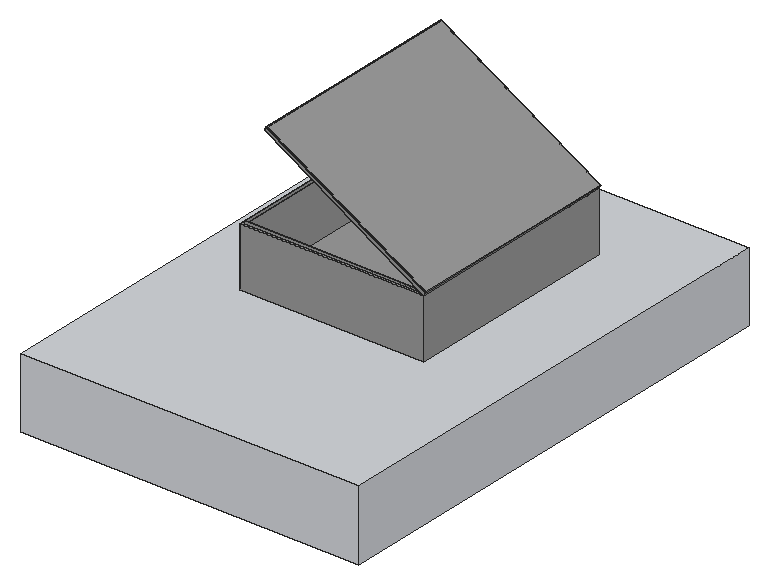
Revit family "Hager-Univers-IP55-D275-H950-Cl.II-Steel_encl-ES-es", category Equipement électrique, Revit 2020
Family settings
  Hôte = Face
  Configuration du panneau = Deux colonnes, circuits au sein
  Cote de connecteur circulaire = Utiliser le diamètre
  Type d'élément = Tableau de raccordement
  Couper avec des vides une fois chargée = Non
  Partagée = Non
  Point de calcul de pièce = Non
Parameters (values of type "Montado superficial (escayola) IP55 A800 A950 P275  - FR63S")
  Width Control [instance] = if([EF000008 - Anchura] > Min Width, [EF000008 - Anchura], Min Width)  # 800 mm
  Commentaires du type = [HG000003 - Gama]  # "Univers"
  Thickness Door [instance] = if([EF009171 - Espesor puerta/tapa] > 3 mm, 3 mm, [EF009171 - Espesor puerta/tapa])  # 1.5 mm
  Seal Frame Offset [instance] = 17 mm  # constant formula
  Plinth Visibility [instance] = [HG000027 - Altura de zócalo] > 0 mm  # no
  Model = ""
  Min Width [instance] = 100 mm  # constant formula
  Min Height [instance] = 100 mm  # constant formula
  Min Depth [instance] = (2 * [EF009170 - Espesor del material de la caja]) + 1 mm  # 4 mm
  Internal Frame Depth [instance] = (Door System Depth * 0.5)  # 9 mm
  Height Control [instance] = if([EF000040 - Altura] > Min Height, [EF000040 - Altura], Min Height)  # 950 mm
  HG000027 - Altura de zócalo = 0 mm
  HG000026 - Instalación en suelo = no
  HG000024 - Altura de la sección inferior = 800 mm
  HG000023 - Caja de doble sección = no
  HG000016 - Visibilidad de la puerta 3D [instance] = yes
  HG000015 - Visibilidad a través de la puerta [instance] = no
  HG000014 - Puerta a la derecha [instance] = yes
  HG000013 - Puerta a la izquierda [instance] = not([HG000014 - Puerta a la derecha])  # no
  HG000012 - Ángulo de giro de la puerta [instance] = 30.00°
  HG000010 - Puertas asimétricas = no
  HG000009 - Puerta batiente doble = no
  HG000006 - Empotrado = no
  HG000004 - Referencia del fabricante = "FR63S"
  HG000003 - Gama = "Univers"
  HG000002 - Con puerta o tapa = yes
  Frame Offset Bottom [instance] = 10 mm  # constant formula
  Frame Offset [instance] = 15 mm  # constant formula
  EF015940 - Tapa con alivio de sobrepresión = no
  EF011959 - Grado de protección (NEMA) = ""
  EF009554 - Número de aberturas para placas-brida = 6
  Fabricant = "Hager"  # constant formula
  EF009212 - Versión de la cubierta = "EV000116 - Cerrado"
  EF009171 - Espesor puerta/tapa = 1.5 mm
  EF009170 - Espesor del material de la caja = 1.5 mm
  EF008873 - Corriente nominal (In) = 800 A
  EF007800 - Adecuado para la protección contra rayos = no
  EF006306 - Con cierre = no
  EF006244 - Tapa/puerta transparente = no
  EF005474 - Grado de protección (IP) = "EV006420 - IP55"
  EF004464 - Tipo de puerta = "EV002646 - Único"
  EF004427 - Número de módulos = 216
  EF004293 - Resistencia al impacto (IK) = "EV008784 - IK10"
  EF003532 - Adecuado para uso en exteriores = no
  EF002950 - Anchura de unidades de división = 24
  EF001613 - Integridad del circuito = "EV000494 - Ninguno"
  EF001596 - Material de la carcasa = "EV000179 - Acero"
  EF001131 - Profundidad interna = 275 mm
  EF001088 - Posibilidad de extensión = yes
  EF000437 - Número de entradas de conductos de cables = 6
  EF000339 - Tipo de cubierta = "EV004216 - Puerta"
  EF000266 - Número de filas = 6
  EF000218 - Profundidad de instalación = 0 mm
  EF000118 - Con placa de montaje = no
  EF000116 - Número RAL = "7035"
  EF000049 - Profundidad = 275 mm
  EF000040 - Altura = 950 mm
  EF000008 - Anchura = 800 mm
  EF000007 - Color = "EV000270 - Gris"
  EF000003 - Tipo de montaje = "EV000384 - Montado superficial (escayola)"
  Door System Leaf Tolerance [instance] = 1.5 mm  # constant formula
  Door System Depth [instance] = 18 mm  # constant formula
  Door Height [instance] = Height Control - [HG000027 - Altura de zócalo]  # 950 mm
  Depth Control [instance] = if([EF000049 - Profundidad] > Min Depth, [EF000049 - Profundidad], Min Depth)  # 275 mm
  Default Elevation = 0 mm
  Connector Offset [instance] = Height Control / 2  # 475 mm
  Bottom Top Plate Trim [instance] = 1.5 mm  # constant formula
  Plinth height Ctrl [instance] = if([HG000027 - Altura de zócalo] > 0 mm, [HG000027 - Altura de zócalo], 12 mm)  # 12 mm
Types (5, lengths in mm): name | Width Control | HG000010 - Puertas asimétricas | HG000009 - Puerta batiente doble | HG000004 - Referencia del fabricante | EF009554 - Número de aberturas para placas-brida | EF004464 - Tipo de puerta | EF004427 - Número de módulos | EF000437 - Número de entradas de conductos de cables | EF000008 - Anchura
  Montado superficial (escayola) IP55 A1050 A950 P275  - FR64S | 1050 | no | yes | "FR64S" | 8 | "EV003602 - Doble" | 288 | 8 | 1050
  Montado superficial (escayola) IP55 A1300 A950 P275  - FR65S | 1300 | yes | yes | "FR65S" | 10 | "EV003602 - Doble" | 360 | 10 | 1300
  Montado superficial (escayola) IP55 A300 A950 P275  - FR61S | 300 | no | no | "FR61S" | 2 | "EV002646 - Único" | 72 | 2 | 300
  Montado superficial (escayola) IP55 A550 A950 P275  - FR62S | 550 | no | no | "FR62S" | 4 | "EV002646 - Único" | 144 | 4 | 550
  Montado superficial (escayola) IP55 A800 A950 P275  - FR63S | 800 | no | no | "FR63S" | 6 | "EV002646 - Único" | 216 | 6 | 800
Reference planes
  plane 1 "Center (Front/Back)": y = 0
  plane 2: z = 0
  plane 3 "Center (Left/Right)": x = 0
  plane 4: z = 275
  plane 5: y = 1.5
  plane 6: y = 475
  plane 7: y = 0
  plane 8: y = 950
  plane 9: z = 0
  plane 10: x = -385
  plane 11: x = 385
  plane 12: x = 383.5
  plane 13: x = -383.5
  plane 14: y = 948.5
  plane 15: x = -383
  plane 16: x = -400
  plane 17: x = 383
  plane 18: x = 400
  plane 19: x = 398.5
  plane 20: x = -398.5
  plane 21: y = 11.5
  plane 22: y = 950
  plane 23: y = 933.5
  plane 24: z = 257
  plane 25: z = 1.5
  plane 26: z = 255.5
  plane 27: z = 273.5
Forms (mm)
  Extrusion 1, solid
    sketch origin (0, 0, 0) x (1, 0, 0) y (0, 1, 0)
      loop
        line (-702.964, 1305) -> (-702.964, -811.445) -> (766.763, -811.445) -> (766.763, 1305) -> (-702.964, 1305)
    from 0 to -304.8
  Extrusion 2, solid, material "Hager_Steel_RAL7035_Light_Grey", visible <- "Plinth Visibility", detail levels medium+fine
    sketch origin (0, 0, 0) x (1, 0, 0) y (0, 1, 0)
      loop
        line (-400, 0) -> (400, 0) -> (400, 12) -> (-400, 12) -> (-400, 0)
    from 0 to 257
  Extrusion 3, solid, material "Hager_Steel_RAL7035_Light_Grey", detail levels medium+fine
    sketch origin (0, 0, 0) x (1, 0, 0) y (0, 1, 0)
      loop
        line (-400, 0) -> (400, 0) -> (400, 950) -> (-400, 950) -> (-400, 0)
    from 0 to 257
  Extrusion 4, void
    sketch origin (0, 0, 0) x (1, 0, 0) y (0, 1, 0)
      loop
        line (-398.5, 1.5) -> (398.5, 1.5) -> (398.5, 948.5) -> (-398.5, 948.5) -> (-398.5, 1.5)
    from 1.5 to 255.5
  Extrusion 5, void
    sketch origin (-381.607, -4572, 257) x (0, -1, 0) y (-1, 0, 0)
      loop
        line (-4583.5, 1.893) -> (-5505.5, 1.893) -> (-5505.5, -765.107) -> (-4583.5, -765.107) -> (-4583.5, 1.893)
    from 0 to 1.5 <- "EF009170 - Espesor del material de la caja"
  Extrusion 6, solid, material "Hager_Steel_RAL7035_Light_Grey", detail levels fine
    sketch origin (0, 0, 257) x (1, 0, 0) y (0, 1, 0)
      loop
        line (-383.5, 933.5) -> (-383.5, 11.5) -> (383.5, 11.5) -> (383.5, 933.5) -> (-383.5, 933.5)
      loop
        line (-385, 10) -> (385, 10) -> (385, 935) -> (-385, 935) -> (-385, 10)
    from 0 to 9 <- "Internal Frame Depth"
  Extrusion 7, solid, material "Hager_Steel_RAL7035_Light_Grey", detail levels coarse
    sketch origin (0, 0, 0) x (1, 0, 0) y (0, 1, 0)
      loop
        line (-400, 0) -> (400, 0) -> (400, 950) -> (-400, 950) -> (-400, 0)
    from 0 to 275
  Sweep 8, void
    path in 3D
      loop
        line (-400, 12, 0) -> (400, 12, 0) -> (400, 12, 257) -> (-400, 12, 257) -> (-400, 12, 0)
    profile origin (-400, 12, 128.5) x (-1, 0, 0) y (0, -1, 0)
      loop
        line (0, 0) -> (0, 1.5) -> (-1.5, 1.5)
        arc (-1.5, 1.5) -> (-1.061, 0.439) -> (0, 0) r 1.5
Cuts and joins
  Extrusion 4, Extrusion 5 cuts Extrusion 3
  Sweep 8 cuts Extrusion 2
Lines and regions (mm)
  Masking region 1
    outline origin (0, 0, 0) x (1, 0, 0) y (0, 0, 1)
      loop
        line (-400, 275) -> (-400, 0) -> (400, 0) -> (400, 275) -> (-400, 275)
  Masking region 2, detail levels medium+fine
    outline origin (0, 140, 0) x (0, 1, 0) y (0, 0, 1)
      loop
        line (-140, 0) -> (810, 0) -> (810, 257) -> (-140, 257) -> (-140, 0)
  Masking region 3, not visible, detail levels medium+fine
    outline origin (0, 297.922, 0) x (0, 1, 0) y (0, 0, 1)
      loop
        line (188.578, 0) -> (228.578, 0) -> (228.578, 263.5)
        arc (228.578, 263.5) -> (225.649, 270.571) -> (218.578, 273.5) r 10
        line (218.578, 273.5) -> (188.578, 273.5) -> (188.578, 0)
  Masking region 4, detail levels coarse
    outline origin (0, 0, 180) x (0, 1, 0) y (0, 0, 1)
      loop
        line (0, -180) -> (950, -180) -> (950, 95) -> (0, 95) -> (0, -180)
  Masking region 5, visible <- "Plinth Visibility", detail levels medium+fine
    outline origin (0, 52.24, 12.345) x (0, 0, -1) y (0, 1, 0)
      loop
        line (10.845, -40.24) -> (-243.155, -40.24)
        arc (-243.155, -40.24) -> (-243.594, -41.301) -> (-244.655, -41.74) r 1.5
        line (-244.655, -41.74) -> (-244.655, -52.24) -> (12.345, -52.24) -> (12.345, -41.74)
        arc (12.345, -41.74) -> (11.285, -41.301) -> (10.845, -40.24) r 1.5
  Masking region 6, detail levels medium+fine
    outline origin (-381.607, -4572, 257) x (-1, 0, 0) y (0, -1, 0)
      loop
        line (18.393, -5522) -> (18.393, -4572) -> (-781.607, -4572) -> (-781.607, -5522) -> (18.393, -5522)
  Masking region 7, visible <- "Plinth Visibility", detail levels medium+fine
    outline origin (-381.607, -4727, 257) x (-1, 0, 0) y (0, -1, 0)
      loop
        arc (16.893, -4739) -> (17.332, -4737.939) -> (18.393, -4737.5) r 1.5
        line (18.393, -4737.5) -> (18.393, -4727) -> (-781.607, -4727) -> (-781.607, -4737.5)
        arc (-781.607, -4737.5) -> (-780.546, -4737.939) -> (-780.107, -4739) r 1.5
        line (-780.107, -4739) -> (16.893, -4739)
  Masking region 8, detail levels coarse
    outline origin (-442.548, -4669.526, 257) x (-1, 0, 0) y (0, -1, 0)
      loop
        line (-42.548, -5619.526) -> (-42.548, -4669.526) -> (-842.548, -4669.526) -> (-842.548, -5619.526) -> (-42.548, -5619.526)
  sketch lines
    curve 1: line (-400, 12, 257) -> (-400, 12, 0)
    curve 2: line (400, 12, 257) -> (-400, 12, 257)
    curve 3: line (400, 12, 257) -> (400, 12, 0)
    curve 4: line (-400, 12, 0) -> (400, 12, 0)
Dimensions and locks
  "Depth Control": plane 4 to Extrusion 1
  "HG000027 - Altura de zócalo": plane 1 "Center (Front/Back)" to plane 7
  "EF009170 - Espesor del material de la caja": plane 5 to plane 7
  locked: connector elem to plane 3 "Center (Left/Right)"
  equal spacing: plane 8, plane 6, plane 7
  locked: connector elem to plane 6
  "EF009170 - Espesor del material de la caja": plane 8 to plane 14
  "EF009170 - Espesor del material de la caja": plane 10 to plane 13
  "EF009170 - Espesor del material de la caja": plane 12 to plane 11
  "Frame Offset": plane 20 to plane 13
  "Frame Offset": plane 12 to plane 19
  "EF009170 - Espesor del material de la caja": plane 16 to plane 20
  "EF009170 - Espesor del material de la caja": plane 19 to plane 18
  "Seal Frame Offset": plane 16 to plane 15
  "Seal Frame Offset": plane 17 to plane 18
  "Frame Offset Bottom": plane 21 to plane 5
  "Frame Offset": plane 14 to plane 23
  equal spacing: plane 16, plane 3 "Center (Left/Right)", plane 18
  "Width Control": plane 16 to plane 18
  "EF009170 - Espesor del material de la caja": plane 4 to plane 27
  "EF009170 - Espesor del material de la caja": plane 24 to plane 26
  "EF009170 - Espesor del material de la caja": plane 25 to level
  "Door System Depth": plane 4 to plane 24
  "Height Control": plane 1 "Center (Front/Back)" to Extrusion 7 sketch curve
  "Height Control": Masking region 4 sketch curve to plane 1 "Center (Front/Back)"
  "Height Control": plane 1 "Center (Front/Back)" to plane 22
  "Bottom Top Plate Trim": profile plane to Sweep 8 sketch curve
  "Bottom Top Plate Trim": Sweep 8 sketch curve to profile plane
  "Plinth height Ctrl": plane 1 "Center (Front/Back)" to Extrusion 2 sketch curve
  "Plinth height Ctrl": Masking region 5 sketch curve to plane 1 "Center (Front/Back)"
  "Plinth height Ctrl": plane 1 "Center (Front/Back)" to Masking region 7 sketch curve
  "Thickness Door": Extrusion 6 sketch curve to Extrusion 6 sketch curve  (x3)
  "Thickness Door": cut or joined group of Extrusion 3, Extrusion 4, Extrusion 5 to Extrusion 6 sketch curve
  radius of Masking region 3 sketch curve = 10 mm
  "Bottom Top Plate Trim": radius of Masking region 5 sketch curve  (x2)
  "Bottom Top Plate Trim": radius of Sweep 8 sketch curve
  "Bottom Top Plate Trim": radius of Masking region 7 sketch curve  (x2)
  aligned and locked: plane 2 to Extrusion 1
  aligned and locked: level to Extrusion 1
  aligned and locked: level to Masking region 1 sketch curve
  aligned and locked: Masking region 1 sketch curve to plane 18
  aligned and locked: Masking region 1 sketch curve to plane 16
  aligned and locked: plane 7 to Masking region 2 sketch curve
  aligned and locked: level to Masking region 3 sketch curve
  aligned and locked: Masking region 3 sketch curve to plane 27
  aligned and locked: level to Masking region 2 sketch curve
  aligned and locked: plane 1 "Center (Front/Back)" to Extrusion 2 sketch curve
  aligned and locked: Extrusion 3 sketch curve to plane 7
  aligned and locked: plane 16 to Extrusion 3 sketch curve
  aligned and locked: plane 18 to Extrusion 3 sketch curve
  aligned and locked: plane 20 to Extrusion 4 sketch curve
  aligned and locked: plane 19 to Extrusion 4 sketch curve
  aligned and locked: Extrusion 4 sketch curve to plane 5
  aligned and locked: Extrusion 4 to plane 25
  aligned and locked: plane 26 to Extrusion 4
  aligned and locked: plane 24 to Extrusion 3
  aligned and locked: Extrusion 5 sketch curve to plane 21
  aligned and locked: Extrusion 5 sketch curve to plane 13
  aligned and locked: Extrusion 5 sketch curve to plane 12
  aligned and locked: plane 18 to Extrusion 7 sketch curve
  aligned and locked: plane 1 "Center (Front/Back)" to Extrusion 7 sketch curve
  aligned and locked: plane 16 to Extrusion 7 sketch curve
  aligned and locked: plane 4 to Extrusion 7
  aligned and locked: Extrusion 7 to level
  aligned and locked: level to Masking region 4 sketch curve
  aligned and locked: Masking region 4 sketch curve to plane 1 "Center (Front/Back)"
  aligned and locked: Masking region 4 sketch curve to plane 4
  aligned and locked: nested 1 to level
  aligned and locked: nested 1 to plane 16
  aligned and locked: plane 8 to Extrusion 3 sketch curve
  aligned and locked: plane 23 to Extrusion 5 sketch curve
  aligned and locked: plane 14 to Extrusion 4 sketch curve
  aligned and locked: Masking region 2 sketch curve to plane 8
  aligned and locked: level to Masking region 5 sketch curve
  aligned and locked: plane 16 to Extrusion 2 sketch curve
  aligned and locked: plane 18 to Extrusion 2 sketch curve
  aligned and locked: Masking region 5 sketch curve to plane 24
  aligned and locked: Masking region 2 sketch curve to plane 24
  aligned and locked: plane 24 to Extrusion 2
  aligned and locked: profile plane to Sweep 8 sketch curve  (x2)
  aligned and locked: Masking region 6 sketch curve to plane 18
  aligned and locked: Masking region 6 sketch curve to plane 22
  aligned and locked: Masking region 6 sketch curve to plane 16
  aligned and locked: plane 8 to plane 22
  aligned and locked: Masking region 6 sketch curve to plane 7
  aligned and locked: Masking region 7 sketch curve to plane 16
  aligned and locked: Masking region 7 sketch curve to plane 1 "Center (Front/Back)"
  aligned and locked: Masking region 7 sketch curve to plane 18
  aligned and locked: Masking region 8 sketch curve to plane 1 "Center (Front/Back)"
  aligned and locked: Masking region 8 sketch curve to plane 18
  aligned and locked: Masking region 8 sketch curve to plane 22
  aligned and locked: Masking region 8 sketch curve to plane 16
  aligned and locked: nested 2 to plane 7
  aligned and locked: plane 3 "Center (Left/Right)" to nested 2
  aligned and locked: nested 2 to plane 24
  aligned and locked: Extrusion 6 sketch curve to cut or joined group of Extrusion 3, Extrusion 4, Extrusion 5  (x4)
Automatic sketch dimensions
  Extrusion 1 sketch curve to Extrusion 1 sketch curve = 1469.727 mm
  Extrusion 1 sketch curve to Extrusion 1 sketch curve = 2116.445 mm
  Masking region 1 sketch curve to plane 4 = 0 mm
  plane 6 to Masking region 3 sketch curve = 11.5 mm
  Masking region 3 sketch curve to Masking region 3 sketch curve = 30 mm
  Masking region 5 sketch curve to plane 1 "Center (Front/Back)" = 0 mm
Nested families
  nested 1: "Hager_Enclosure_Symbol" at (-400, 0, 0) x (1, 0, 0) z (0, -1, 0), Height <- "Depth Control", Width <- "Width Control", type "Hager_Enclosure_Symbol"
    with Width_Ctrl 800 mm, Width 800 mm, Height_Ctrl 275 mm, Height 275 mm, A_Width_Int 18.047 mm, A_Width 216.562 mm, A_Height_Ctrl 240.625 mm, A_Height 240.625 mm
  nested 2: "EC000058_Univers_Door" at (0, 0, 257) x (1, 0, 0) z (0, 1, 0), Leaf_Tolerance <- "Door System Leaf Tolerance", Angle <- "HG000012 - Ángulo de giro de la puerta", Door_Depth <- "Door System Depth", Door_Left <- "HG000013 - Puerta a la izquierda", Transparent <- "EF006244 - Tapa/puerta transparente", Assymetrical <- "HG000010 - Puertas asimétricas", Width <- "Width Control", Clearance <- "HG000015 - Visibilidad a través de la puerta", Double <- "HG000009 - Puerta batiente doble", 3d_Door <- "HG000016 - Visibilidad de la puerta 3D", Lock_Visibility <- "EF006306 - Con cierre", Width_Ctrl <- "Width Control", Door_Right <- "HG000014 - Puerta a la derecha", Door <- "HG000002 - Con puerta o tapa", Height <- "Door Height", Thickness <- "Thickness Door", type "EC000058_Univers_Door", detail levels medium+fine
    with min_wh 4 mm, Width_Ctrl 800 mm, Width 800 mm, Transparent no, Thickness 1.5 mm, Seal_Material Hager_Rubber, Lock_Visibility no, Lock_Material Hager_Plastic_RAL9005_Jet_Black, Leaf_Width 800 mm, Leaf_Tolerance_External_Sides 0 mm, Leaf_Tolerance 1.5 mm, Leaf_Offset 0 mm, Leaf_Height 947 mm, Leaf_2_Width 800 mm, Leaf_2_Offset 400 mm, Leaf_1_Width 800 mm, Leaf_1_Offset 400 mm, Height_Ctrl 950 mm, Height 950 mm, Glass_Material Hager_Glass, Double_Clearance_Ctrl no, Double no, Door_Right_Ctrl yes, Door_Right yes, Door_Material Hager_Steel_RAL7035_Light_Grey, Door_Left_Ctrl no, Door_Left no, Door_Depth 18 mm, Door yes, Clearance_Material Hager_Clearance, Clearance_Depth 800 mm, Clearance_Ctrl no, Clearance no, Assymetrical no, Angle 30.00°, 3d_Door yes
Connectors
  electrical at (0, 475, 0)
    settings: on plane 9, index 1, voltage 0 V, apparent load 0 VA, apparent load phase1 0 VA, apparent load phase2 0 VA, apparent load phase3 0 VA, power factor 1, load classification "Other", number of poles 1, system type 30, power factor state 1, is connector primary yes, connector utility no, sub classification motor no, connector description ""
Definition of nested family "EC000058_Univers_Door"
  Parameters (values of type "EC000058_Univers_Door")
    min_wh [instance] = (2 * Thickness) + 1 mm  # 11 mm
    Width_Ctrl [instance] = 400 mm
    Width [instance] = 500 mm
    Transparent [instance] = yes
    Thickness [instance] = 5 mm
    Seal_Material [instance] = none
    Lock_Visibility [instance] = yes
    Lock_Material [instance] = none
    Leaf_Width [instance] = if((Width_Ctrl - 2 * Leaf_Tolerance_External_Sides) > 0 mm, (Width_Ctrl - 2 * Leaf_Tolerance_External_Sides), min_wh)  # 400 mm
    Leaf_Tolerance_External_Sides [instance] = 0 mm  # constant formula
    Leaf_Tolerance [instance] = 1.5 mm
    Leaf_Offset [instance] = 0 mm  # constant formula
    Leaf_Height [instance] = if((Height_Ctrl - 2 * Leaf_Tolerance) > 0 mm, (Height_Ctrl - 2 * Leaf_Tolerance), min_wh)  # 497 mm
    Leaf_2_Width [instance] = if(and(and(Double, Assymetrical), Door_Left), (Leaf_Width / 3) - (Leaf_Tolerance / 2), if(and(and(Double, Assymetrical), Door_Right), (Leaf_Width / 3) * 2 - (Leaf_Tolerance / 2), if(and(Double, not(Assymetrical)), (Leaf_Width / 2) - Leaf_Tolerance, Leaf_Width)))  # 400 mm
    Leaf_2_Offset [instance] = if(and(Double, Assymetrical), Leaf_2_Width / 2, if(and(Double, not(Assymetrical)), Leaf_Width / 4, Leaf_Width / 2))  # 200 mm
    Leaf_1_Width [instance] = if(and(and(Double, Assymetrical), Door_Right), (Leaf_Width / 3) - (Leaf_Tolerance / 2), if(and(and(Double, Assymetrical), Door_Left), (Width / 3) * 2 - (Leaf_Tolerance / 2), if(and(Double, not(Assymetrical)), (Leaf_Width / 2) - Leaf_Tolerance, Leaf_Width)))  # 400 mm
    Leaf_1_Offset [instance] = if(and(Double, Assymetrical), Leaf_1_Width / 2, if(and(Double, not(Assymetrical)), Leaf_Width / 4, Leaf_Width / 2))  # 200 mm
    Height_Ctrl [instance] = if(Height > min_wh, Height, min_wh)  # 500 mm
    Height [instance] = 500 mm
    Glass_Material [instance] = none
    Double_Clearance_Ctrl [instance] = and(Double, Clearance)  # no
    Double [instance] = no
    Door_Right_Ctrl [instance] = and(or(Door_Right, Double), Door)  # yes
    Door_Right [instance] = yes
    Door_Material [instance] = none
    Door_Left_Ctrl [instance] = and(or(Door_Left, Double), Door)  # no
    Door_Left [instance] = no
    Door_Depth [instance] = 30 mm
    Door [instance] = yes
    Default Elevation = 1219.2 mm
    Clearance_Material [instance] = none
    Clearance_Depth [instance] = if(Leaf_1_Width > Leaf_2_Width, Leaf_1_Width, Leaf_2_Width)  # 400 mm
    Clearance_Ctrl [instance] = and(not(Double), Clearance)  # yes
    Clearance [instance] = yes
    Assymetrical [instance] = yes
    Angle [instance] = 30.00°
    3d_Door [instance] = yes
  Reference planes
    plane 1 "Center (Front/Back)": y = 0
    plane 2 "Bottom": z = 0
    plane 3 "Center (Left/Right)": x = 0
    plane 4: z = 500
    plane 5: x = -200
    plane 6: x = 200
    plane 7: z = 500
    plane 8: x = -200
    plane 9: z = 0
    plane 10: x = 200
    plane 11: y = 0
    plane 12: z = 1.5
    plane 13: x = -600
    plane 14: y = -400
    plane 15: x = 600
    plane 16: x = 0
    plane 17: x = 0
    plane 18: x = -200
    plane 19: x = 200
    plane 20: z = 498.5
  Forms (mm)
    Extrusion 1, solid, material <- "Clearance_Material", visible <- "Double_Clearance_Ctrl"
      sketch origin (1200, 0, 0) x (1, 0, 0) y (0, 0, -1)
        loop
          line (-1800, -498.5) -> (-600, -498.5) -> (-600, 0) -> (-1800, 0) -> (-1800, -498.5)
      from 0 to -400
  Dimensions and locks
    equal spacing: plane 5, plane 3 "Center (Left/Right)", plane 6
    "Width_Ctrl": plane 5 to plane 6
    "Leaf_Offset": plane 5 to plane 8
    "Leaf_Offset": plane 6 to plane 10
    "Leaf_Offset": plane 9 to level
    "Leaf_Offset": plane 4 to plane 7
    "Height_Ctrl": plane 4 to level
    "Leaf_Tolerance": plane 12 to plane 9
    locked: plane 11 to plane 1 "Center (Front/Back)"
    "Leaf_1_Offset": plane 18 to plane 16
    "Leaf_2_Offset": plane 17 to plane 19
    "Leaf_1_Width": plane 13 to plane 8
    "Leaf_2_Width": plane 10 to plane 15
    "Clearance_Depth": plane 14 to plane 1 "Center (Front/Back)"
    "Leaf_Tolerance_External_Sides": plane 8 to plane 18
    "Leaf_Tolerance_External_Sides": plane 19 to plane 10
    "Leaf_Tolerance": plane 7 to plane 20
    aligned and locked: level to plane 2 "Bottom"
    aligned and locked: nested 1 to plane 16
    aligned and locked: nested 2 to plane 17
    aligned and locked: Extrusion 1 to plane 13
    aligned and locked: plane 15 to Extrusion 1
    aligned and locked: Extrusion 1 to plane 14
    aligned and locked: plane 12 to nested 1
    aligned and locked: nested 2 to plane 12
    aligned and locked: Extrusion 1 to plane 11
    aligned and locked: plane 20 to Extrusion 1
    aligned and locked: nested 2 to plane 11
    aligned and locked: nested 1 to plane 11
  Automatic sketch dimensions
    Extrusion 1 sketch curve to level = 0 mm
    plane 5 to Extrusion 1 sketch curve = 400 mm
    plane 6 to Extrusion 1 sketch curve = 400 mm
    Extrusion 1 sketch curve to plane 4 = 1.5 mm
  Nested families
    nested 1: "EC000058_Univers_Door_Leaf" at (0, 0, 1.5), Width <- "Leaf_1_Width", visible <- "Door_Left_Ctrl", Leaf_Height <- "Leaf_Height", Angle <- "Angle", 3d_Door <- "3d_Door", Transparent <- "Transparent", Clearance Material <- "Clearance_Material", Clearance <- "Clearance_Ctrl", Door_Material <- "Door_Material", Glass_Material <- "Glass_Material", Door_Depth <- "Door_Depth", Lock_Material <- "Lock_Material", Seal_Material <- "Seal_Material", Lock_Visibility <- "Lock_Visibility", Thickness <- "Thickness", type "EC000058_Univers_Door_Leaf"
      with Width 400 mm, Transparent_Glass_Offset 30 mm, Transparent_Ctrl yes, Transparent yes, Thickness 5 mm, Standard no, Seal_Material none, Seal_D2 8 mm, Seal_D1 1 mm, Offset_Internal_Frame 10 mm, Lock_Width 20 mm, Lock_Visibility_3d yes, Lock_Visibility yes, Lock_Thickness_3 3 mm, Lock_Thickness_2 1 mm, Lock_Thickness_1 3 mm, Lock_Radius_Offset_2 16 mm, Lock_Radius_Offset_1 15 mm, Lock_Radius_2 5 mm, Lock_Radius 6 mm, Lock_Offset 5 mm, Lock_Material none, Lock_Height 80 mm, Lock_Cover_Top_Offset_2d 17 mm, Lock_Cover_Height -65 mm, Leaf_Height 497 mm, Internal_Seal_Thickness 8 mm, Internal_Seal_Depth_2 4.5 mm, Internal_Frame_Depth 25 mm, Glass_Thickness -1 mm, Glass_Offset -2 mm, Glass_Material none, Door_Material none, Door_Depth 30 mm, Clearance Material none, Clearance yes, Angle_Ctrl 30.00°, Angle 30.00°, 3d_Door yes
    nested 2: "EC000058_Univers_Door_Leaf" at (0, 0, 1.5) x (-1, 0, 0) z (0, 0, 1), Width <- "Leaf_2_Width", visible <- "Door_Right_Ctrl", Leaf_Height <- "Leaf_Height", Angle <- "Angle", 3d_Door <- "3d_Door", Transparent <- "Transparent", Clearance Material <- "Clearance_Material", Clearance <- "Clearance_Ctrl", Door_Material <- "Door_Material", Glass_Material <- "Glass_Material", Door_Depth <- "Door_Depth", Lock_Material <- "Lock_Material", Seal_Material <- "Seal_Material", Lock_Visibility <- "Lock_Visibility", Thickness <- "Thickness", type "EC000058_Univers_Door_Leaf"
      with Width 400 mm, Transparent_Glass_Offset 30 mm, Transparent_Ctrl yes, Transparent yes, Thickness 5 mm, Standard no, Seal_Material none, Seal_D2 8 mm, Seal_D1 1 mm, Offset_Internal_Frame 10 mm, Lock_Width 20 mm, Lock_Visibility_3d yes, Lock_Visibility yes, Lock_Thickness_3 3 mm, Lock_Thickness_2 1 mm, Lock_Thickness_1 3 mm, Lock_Radius_Offset_2 16 mm, Lock_Radius_Offset_1 15 mm, Lock_Radius_2 5 mm, Lock_Radius 6 mm, Lock_Offset 5 mm, Lock_Material none, Lock_Height 80 mm, Lock_Cover_Top_Offset_2d 17 mm, Lock_Cover_Height -65 mm, Leaf_Height 497 mm, Internal_Seal_Thickness 8 mm, Internal_Seal_Depth_2 4.5 mm, Internal_Frame_Depth 25 mm, Glass_Thickness -1 mm, Glass_Offset -2 mm, Glass_Material none, Door_Material none, Door_Depth 30 mm, Clearance Material none, Clearance yes, Angle_Ctrl 30.00°, Angle 30.00°, 3d_Door yes
  Definition of nested family "EC000058_Univers_Door_Leaf"
    Parameters (values of type "EC000058_Univers_Door_Leaf")
      Width [instance] = 2000 mm
      Transparent_Glass_Offset [instance] = 30 mm
      Transparent_Ctrl [instance] = and(Transparent, [3d_Door])  # yes
      Transparent [instance] = yes
      Thickness [instance] = 5 mm
      Standard [instance] = and(not(Transparent), [3d_Door])  # no
      Seal_Material [instance] = none
      Seal_D2 [instance] = 8 mm  # constant formula
      Seal_D1 [instance] = 1 mm  # constant formula
      Offset_Internal_Frame [instance] = 10 mm  # constant formula
      Lock_Width [instance] = 20 mm  # constant formula
      Lock_Visibility_3d [instance] = and(Lock_Visibility, [3d_Door])  # yes
      Lock_Visibility [instance] = yes
      Lock_Thickness_3 [instance] = 3 mm  # constant formula
      Lock_Thickness_2 [instance] = 1 mm  # constant formula
      Lock_Thickness_1 [instance] = 3 mm  # constant formula
      Lock_Radius_Offset_2 [instance] = Lock_Radius_Offset_1 + 1 mm  # 16 mm
      Lock_Radius_Offset_1 [instance] = 15 mm  # constant formula
      Lock_Radius_2 [instance] = Lock_Radius - 1 mm  # 5 mm
      Lock_Radius [instance] = 6 mm  # constant formula
      Lock_Offset [instance] = 5 mm  # constant formula
      Lock_Material [instance] = none
      Lock_Height [instance] = 80 mm  # constant formula
      Lock_Cover_Top_Offset_2d [instance] = Lock_Radius_Offset_2 + 1 mm  # 17 mm
      Lock_Cover_Height [instance] = -(Lock_Height - Lock_Radius_Offset_1)  # -65 mm
      Leaf_Height [instance] = 2720.336 mm
      Internal_Seal_Thickness [instance] = 8 mm  # constant formula
      Internal_Seal_Depth_2 [instance] = 4.5 mm  # constant formula
      Internal_Frame_Depth [instance] = if(Door_Depth - Thickness > 5 mm, Door_Depth - Thickness, 5 mm)  # 25 mm
      Glass_Thickness [instance] = if(Thickness > 15 mm, Glass_Offset + 10 mm, -1 mm)  # -1 mm
      Glass_Offset [instance] = if(Thickness > 15 mm, -(Thickness + 10 mm) / 2, -2 mm)  # -2 mm
      Glass_Material [instance] = none
      Door_Material [instance] = none
      Door_Depth [instance] = 30 mm
      Default Elevation = 0 mm
      Clearance Material [instance] = none
      Clearance [instance] = yes
      Angle_Ctrl [instance] = if(Angle > 180.00°, 180.00°, Angle)  # 90.00°
      Angle [instance] = 90.00°
      3d_Door [instance] = yes
    Reference planes
      plane 1 "Center (Front/Back)": y = 0
      plane 2: z = 0
      plane 3 "Center (Left/Right)": x = 0
      plane 4: y = 2000
      plane 5: x = -1000
      plane 6: x = 1000
      plane 7: x = -3000
      plane 8: z = 2720.336
      plane 9: z = 30
      plane 10: z = 2690.336
      plane 11: x = 970
      plane 12: x = -970
      plane 13: y = -3
      plane 14: z = 107.833
      plane 15: y = -5
      plane 16: y = -223.314
      plane 17: x = -1000
      plane 18: z = 1360.168
      plane 19: y = 30
    Forms (mm)
      Extrusion 1, solid, material <- "Clearance Material", visible <- "Clearance"
        sketch origin (0, 0, 0) x (1, 0, 0) y (0, 0, 1)
          loop
            line (-3000, 2720.336) -> (-3000, 0) -> (1000, 0) -> (1000, 2720.336) -> (-3000, 2720.336)
        from 0 to -2000
      Extrusion 2, solid, material <- "Door_Material", visible <- "Standard", detail levels medium+fine
        sketch origin (-1000, 0, 0) x (0, 1, 0) y (-1, 0, 0)
          loop
            line (0, 30) -> (0, 25) -> (2000, 25) -> (2000, 30) -> (0, 30)
        from 0 to 2720.336 <- "Leaf_Height"
      Extrusion 3, solid, material <- "Door_Material", visible <- "Transparent_Ctrl", detail levels medium+fine
        sketch origin (-1000, 0, 0) x (0, 1, 0) y (-1, 0, 0)
          loop
            line (0, 25) -> (2000, 25) -> (2000, 30) -> (0, 30) -> (0, 25)
        from 0 to 2720.336 <- "Leaf_Height"
      Extrusion 4, void
        sketch origin (-1025, 2000, 0) x (0, 1, 0) y (0, 0, -1)
          loop
            line (-30, -2690.336) -> (-30, -30) -> (-1970, -30) -> (-1970, -2690.336) -> (-30, -2690.336)
        from 0 to 5 <- "Thickness"
      Sweep 5, solid, material <- "Seal_Material", visible <- "Transparent_Ctrl", detail levels fine
        path in 3D
          loop
            line (-1025, 30, 30) -> (-1025, 30, 2690.336) -> (-1025, 1970, 2690.336) -> (-1025, 1970, 30) -> (-1025, 30, 30)
        profile origin (-1025, 1000, 30) x (1, 0, 0) y (0, 0, 1)
          loop
            line (0, 0) -> (0, -8) -> (1, -8) -> (1, 0) -> (0, 0)
      Extrusion 6, solid, material <- "Glass_Material", visible <- "Transparent_Ctrl", detail levels medium+fine
        sketch origin (-1030, 0, 0) x (0, 1, 0) y (0, 0, -1)
          loop
            line (1970, -2690.336) -> (1970, -30) -> (30, -30) -> (30, -2690.336) -> (1970, -2690.336)
        from -2 <- "Glass_Offset" to -1 <- "Glass_Thickness"
      Extrusion 7, solid, material <- "Door_Material", visible <- "3d_Door", detail levels medium+fine
        sketch origin (-1025, 2000, 0) x (0, -1, 0) y (0, 0, -1)
          loop
            line (0, -2720.336) -> (2000, -2720.336) -> (2000, 0) -> (0, 0) -> (0, -2720.336)
          loop
            line (1995, -5) -> (5, -5) -> (5, -2715.336) -> (1995, -2715.336) -> (1995, -5)
        from 0 to 25 <- "Internal_Frame_Depth"
      Sweep 8, solid, material <- "Seal_Material", visible <- "Transparent_Ctrl", detail levels fine
        path in 3D
          loop
            line (-1025, 0, 0) -> (-1025, 2000, 0) -> (-1025, 2000, 2720.336) -> (-1025, 0, 2720.336) -> (-1025, 0, 0)
        profile origin (-1025, 0, 1360.168) x (1, 0, 0) y (0, 1, 0)
          loop
            line (0, 10) -> (2.975, 10)
            arc (2.975, 10) -> (4.053, 10.447) -> (4.5, 11.525) r 1.525
            line (4.5, 11.525) -> (4.5, 16.527)
            arc (4.5, 16.527) -> (4.069, 17.569) -> (3.027, 18) r 1.473
            line (3.027, 18) -> (0, 18) -> (0, 10)
      Extrusion 9, solid, material <- "Lock_Material", visible <- "Lock_Visibility_3d", detail levels fine
        sketch origin (-1030, 0, 0) x (0, 1, 0) y (0, 0, -1)
          loop
            arc (1993.5, -1400.168) -> (1994.561, -1399.729) -> (1995, -1398.668) r 1.5
            line (1995, -1398.668) -> (1995, -1320.168) -> (1975, -1320.168) -> (1975, -1398.668)
            arc (1975, -1398.668) -> (1975.439, -1399.729) -> (1976.5, -1400.168) r 1.5
            line (1976.5, -1400.168) -> (1993.5, -1400.168)
        from 3 <- "Lock_Thickness_1" to 0
      Blend 10, solid, material <- "Lock_Material", visible <- "Lock_Visibility_3d", detail levels fine
        base sketch origin (-1033, 0, 0) x (0, 1, 0) y (0, 0, -1)
          loop
            line (1975, -1320.168) -> (1975, -1398.668)
            arc (1975, -1398.668) -> (1975.439, -1399.729) -> (1976.5, -1400.168) r 1.5
            line (1976.5, -1400.168) -> (1993.5, -1400.168)
            arc (1993.5, -1400.168) -> (1994.561, -1399.729) -> (1995, -1398.668) r 1.5
            line (1995, -1398.668) -> (1995, -1320.168) -> (1975, -1320.168)
        top sketch origin (-1033, 0, 0) x (0, 1, 0) y (0, 0, -1)
          loop
            line (1976, -1320.168) -> (1976, -1398.668)
            arc (1976, -1398.668) -> (1976.146, -1399.022) -> (1976.5, -1399.168) r 0.5
            line (1976.5, -1399.168) -> (1993.5, -1399.168)
            arc (1993.5, -1399.168) -> (1993.854, -1399.022) -> (1994, -1398.668) r 0.5
            line (1994, -1398.668) -> (1994, -1320.168) -> (1976, -1320.168)
        from 0 to 1 <- "Lock_Thickness_2"
      Blend 11, solid, material <- "Lock_Material", visible <- "Lock_Visibility_3d", detail levels fine
        base sketch origin (-1034, 0, 0) x (0, 1, 0) y (0, 0, -1)
          loop
            line (1978, -1320.168) -> (1978, -1384.168)
            arc (1978, -1384.168) -> (1985, -1391.168) -> (1992, -1384.168) r 7
            line (1992, -1384.168) -> (1992, -1320.168) -> (1978, -1320.168)
        top sketch origin (-1034, 0, 0) x (0, 1, 0) y (0, 0, -1)
          loop
            line (1991, -1320.168) -> (1979, -1320.168) -> (1979, -1383.168)
            arc (1979, -1383.168) -> (1985, -1389.168) -> (1991, -1383.168) r 6
            line (1991, -1383.168) -> (1991, -1320.168)
        from 0 to 3 <- "Lock_Thickness_3"
      Extrusion 12, solid, material <- "Lock_Material", visible <- "Lock_Visibility_3d", detail levels fine
        sketch origin (-1030, 1975, 1320.168) x (1, 0, 0) y (0, -1, 0)
          loop
            line (-7, -19) -> (-7, -1) -> (0, -1) -> (0, 0) -> (-8, 0) -> (-8, -20) -> (0, -20) -> (0, -19) -> (-7, -19)
        from 0 to -65 <- "Lock_Cover_Height"
      Extrusion 13, void
        sketch origin (-1038, 1995, 1320.168) x (-1, 0, 0) y (0, 0, -1)
          loop
            line (-5, -65) -> (0, -65) -> (-5, -60) -> (-5, -65)
        from 0 to 20 <- "Lock_Width"
      Extrusion 14, void
        sketch origin (-1038, 1975, 1320.168) x (0, -1, 0) y (0, 0, -1)
          loop
            circle (-10, -15.995) r 6
          loop
            circle (-10, -15.995) r 5
        from 0 to 2
      Extrusion 15, solid, material <- "Lock_Material", visible <- "Lock_Visibility_3d", detail levels medium
        sketch origin (-1030, 0, 0) x (0, 1, 0) y (0, 0, -1)
          loop
            arc (1993.5, -1400.168) -> (1994.561, -1399.729) -> (1995, -1398.668) r 1.5
            line (1995, -1398.668) -> (1995, -1320.168) -> (1975, -1320.168) -> (1975, -1398.668)
            arc (1975, -1398.668) -> (1975.439, -1399.729) -> (1976.5, -1400.168) r 1.5
            line (1976.5, -1400.168) -> (1993.5, -1400.168)
        from 8 to 0
    Cuts and joins
      Extrusion 4 cuts Extrusion 3
      Extrusion 13, Extrusion 14 cuts Extrusion 9
      Extrusion 14 cuts Blend 11
      Extrusion 13, Extrusion 14 cuts Extrusion 12
      joined: Extrusion 9, Blend 10, Blend 11, Extrusion 12
      Extrusion 14 cuts Extrusion 15
    Lines and regions (mm)
      Masking region 1, visible <- "Lock_Visibility", detail levels fine
        outline origin (0, 0, 0) x (0, 1, 0) y (0, 0, 1)
          loop
            line (30, 1320.168) -> (33, 1320.168) -> (33, 1400.168) -> (30, 1400.168) -> (30, 1320.168)
      Masking region 2, visible <- "Lock_Visibility", detail levels fine
        outline origin (0, 3.143, 0) x (0, 1, 0) y (0, 0, 1)
          loop
            line (29.857, 1354.168) -> (30.857, 1354.168) -> (30.857, 1366.168) -> (29.857, 1366.168) -> (29.857, 1354.168)
      Masking region 3, detail levels medium+fine
        outline origin (0, 0, 0) x (0, 1, 0) y (0, 0, 1)
          loop
            line (0, 0) -> (30, 0) -> (30, 2720.336) -> (0, 2720.336) -> (0, 0)
      Masking region 4, detail levels medium+fine
        outline origin (0, 0, 0) x (1, 0, 0) y (0, 0, 1)
          loop
            line (-1000, 2720.336) -> (-1000, 0) -> (1000, 0) -> (1000, 2720.336) -> (-1000, 2720.336)
      Masking region 5, visible <- "Lock_Visibility", detail levels fine
        outline origin (-47.116, 0, 0) x (1, 0, 0) y (0, 0, 1)
          loop
            arc (1024.616, 1399.168) -> (1023.556, 1398.729) -> (1023.116, 1397.668) r 1.5
            line (1023.116, 1397.668) -> (1023.116, 1320.168) -> (1041.116, 1320.168) -> (1041.116, 1397.668)
            arc (1041.116, 1397.668) -> (1040.677, 1398.729) -> (1039.616, 1399.168) r 1.5
            line (1039.616, 1399.168) -> (1024.616, 1399.168)
      Masking region 6, visible <- "Lock_Visibility", detail levels medium+fine
        outline origin (-25, 0, 0) x (1, 0, 0) y (0, 0, 1)
          loop
            arc (1001.5, 1400.168) -> (1000.439, 1399.729) -> (1000, 1398.668) r 1.5
            line (1000, 1398.668) -> (1000, 1320.168) -> (1020, 1320.168) -> (1020, 1398.668)
            arc (1020, 1398.668) -> (1019.561, 1399.729) -> (1018.5, 1400.168) r 1.5
            line (1018.5, 1400.168) -> (1001.5, 1400.168)
      Masking region 7, visible <- "Lock_Visibility", detail levels fine
        outline origin (-73.735, 0, 0) x (1, 0, 0) y (0, 0, 1)
          loop
            line (1051.735, 1382.168) -> (1065.735, 1382.168) -> (1065.735, 1384.168)
            arc (1065.735, 1384.168) -> (1058.735, 1391.168) -> (1051.735, 1384.168) r 7
            line (1051.735, 1384.168) -> (1051.735, 1382.168)
      Masking region 8, visible <- "Lock_Visibility", detail levels fine
        outline origin (-73.735, 0, 0) x (1, 0, 0) y (0, 0, 1)
          loop
            line (1052.735, 1382.168) -> (1064.735, 1382.168) -> (1064.735, 1383.168)
            arc (1064.735, 1383.168) -> (1058.735, 1389.168) -> (1052.735, 1383.168) r 6
            line (1052.735, 1383.168) -> (1052.735, 1382.168)
      Masking region 9, visible <- "Lock_Visibility", detail levels fine
        outline origin (-25, 0, 0) x (1, 0, 0) y (0, 0, 1)
          loop
            line (1020, 1320.168) -> (1020, 1382.168) -> (1000, 1382.168) -> (1000, 1320.168) -> (1020, 1320.168)
      Masking region 10, detail levels medium+fine
        outline origin (0, 0, 0) x (1, 0, 0) y (0, 0, 1)
          loop
            circle (985, 1335.144) r 6
      Masking region 11, detail levels fine
        outline origin (0, 0, 0) x (1, 0, 0) y (0, 0, 1)
          loop
            circle (985, 1335.144) r 5
      Masking region 12, visible <- "Lock_Visibility", detail levels fine
        outline origin (0, 12.767, 0) x (0, 1, 0) y (0, 0, 1)
          loop
            line (20.233, 1320.168) -> (21.233, 1320.168) -> (21.233, 1399.168) -> (20.233, 1400.168) -> (20.233, 1320.168)
      Masking region 13, visible <- "Lock_Visibility", detail levels fine
        outline origin (0, 13.767, -10) x (0, 1, 0) y (0, 0, 1)
          loop
            line (20.233, 1330.168) -> (23.233, 1330.168) -> (23.233, 1399.168) -> (20.233, 1402.168) -> (20.233, 1330.168)
      Masking region 14, visible <- "Lock_Visibility", detail levels fine
        outline origin (0, 12.767, -10) x (0, 1, 0) y (0, 0, 1)
          loop
            line (20.233, 1330.168) -> (25.233, 1330.168) -> (25.233, 1399.305) -> (20.233, 1394.305) -> (20.233, 1330.168)
      Masking region 15, visible <- "Lock_Visibility", detail levels medium
        outline origin (0, 0, 0) x (0, 1, 0) y (0, 0, 1)
          loop
            line (30, 1320.168) -> (38, 1320.168) -> (38, 1400.168) -> (30, 1400.168) -> (30, 1320.168)
      Masking region 16, visible <- "Lock_Visibility", detail levels fine
        outline origin (-1000, 0, 0) x (0, 1, 0) y (-1, 0, 0)
          loop
            line (1975, 30) -> (1995, 30) -> (1995, 38) -> (1975, 38) -> (1975, 30)
          loop
            line (1979, 37) -> (1976, 37) -> (1976, 34) -> (1978, 34) -> (1979, 37)
          loop
            line (1994, 37) -> (1991, 37) -> (1992, 34) -> (1994, 34) -> (1994, 37)
      Masking region 17, visible <- "Lock_Visibility", detail levels medium
        outline origin (-1000, 0, 0) x (0, 1, 0) y (-1, 0, 0)
          loop
            line (1975, 30) -> (1995, 30) -> (1995, 38) -> (1975, 38) -> (1975, 30)
      symbolic lines
        curve 1: line (1000, 0, 0) -> (-3000, 0, 0)
        curve 2: arc (1000, 0, 0) -> (-1000, 2000, 0) -> (-3000, 0, 0) r 2000
        curve 4: line (-1030, 0, 0) -> (-1030, 2000, 0)
      reference lines
        curve 3: line (-1000, 0, 0) -> (-1000, 2000, 0)
      symbolic lines, detail levels medium+fine
        curve 5: line (-1030, 2000, 0) -> (-1025, 2000, 0)
        curve 7: line (-1025, 0, 0) -> (-1030, 0, 0)
        curve 8: line (-1025, 0, 0) -> (-1000, 0, 0)
        curve 9: line (-1000, 0, 0) -> (-1000, 2000, 0)
        curve 10: line (-1000, 2000, 0) -> (-1025, 2000, 0)
      symbolic lines, detail levels fine
        curve 6: line (-1025, 2000, 0) -> (-1025, 0, 0)
      sketch lines
        curve 11: line (-1025, 0, 2720.336) -> (-1025, 0, 0)
        curve 12: line (-1025, 2000, 0) -> (-1025, 0, 0)
        curve 13: line (-1025, 2000, 2720.336) -> (-1025, 2000, 0)
        curve 14: line (-1025, 0, 2720.336) -> (-1025, 2000, 2720.336)
        curve 15: line (-1025, 1970, 30) -> (-1025, 30, 30)
        curve 16: line (-1025, 30, 30) -> (-1025, 30, 2690.336)
        curve 17: line (-1025, 1970, 2690.336) -> (-1025, 1970, 30)
        curve 18: line (-1025, 30, 2690.336) -> (-1025, 1970, 2690.336)
      symbolic lines, visible <- "Transparent", detail levels medium+fine
        curve 19: line (-970, 0, 2690.336) -> (970, 0, 2690.336)
        curve 20: line (-970, 0, 30) -> (-970, 0, 2690.336)
        curve 21: line (970, 0, 30) -> (-970, 0, 30)
        curve 22: line (970, 0, 2690.336) -> (970, 0, 30)
    Dimensions and locks
      "Width": plane 1 "Center (Front/Back)" to plane 4
      equal spacing: plane 5, plane 3 "Center (Left/Right)", plane 6
      "Width": plane 5 to plane 6
      "Width": plane 7 to plane 5
      "Leaf_Height": plane 8 to level
      "Width": curve 5 to curve 3
      "Width": curve 3 to curve 3
      plane 8 to plane 10 = 30 mm
      plane 9 to level = 30 mm
      plane 12 to plane 5 = 30 mm
      plane 6 to plane 11 = 30 mm
      Extrusion 1 to Extrusion 4 sketch curve = 30 mm
      "Transparent_Glass_Offset": curve 3 to Extrusion 4 sketch curve
      "Transparent_Glass_Offset": Extrusion 4 sketch curve to cut or joined group of Extrusion 3, Extrusion 4  (x2)
      cut or joined group of Extrusion 3, Extrusion 4 to Extrusion 6 sketch curve = 30 mm
      "Transparent_Glass_Offset": cut or joined group of Extrusion 3, Extrusion 4 to Extrusion 4 sketch curve
      "Thickness": curve 6 to curve 4
      "Thickness": Extrusion 7 sketch curve to Extrusion 7 sketch curve  (x4)
      "Door_Depth": curve 4 to curve 3
      "Offset_Internal_Frame": profile plane to Sweep 8 sketch curve
      "Internal_Seal_Thickness": Sweep 8 sketch curve to Sweep 8 sketch curve
      "Internal_Seal_Depth_2": profile plane to Sweep 8 sketch curve
      "Seal_D1": profile plane to Sweep 5 sketch curve
      "Seal_D2": profile plane to Sweep 5 sketch curve
      "Thickness": Extrusion 2 sketch curve to Extrusion 2 sketch curve
      equal spacing: Extrusion 9 sketch curve, plane 18, Extrusion 9 sketch curve  (x2)
      equal spacing: Masking region 1 sketch curve, plane 18, Masking region 1 sketch curve
      "Lock_Height": Masking region 1 sketch curve to Masking region 1 sketch curve
      "Lock_Radius": Masking region 2 sketch curve to plane 18 to Masking region 2 sketch curve
      Masking region 2 sketch curve to Masking region 1 = 1 mm
      "Door_Depth": plane 19 to plane 1 "Center (Front/Back)"
      "Lock_Thickness_1": Masking region 1 sketch curve to plane 19
      "Lock_Width": Extrusion 9 sketch curve to Extrusion 9 sketch curve
      "Lock_Height": Extrusion 9 sketch curve to Extrusion 9 sketch curve
      "Lock_Offset": cut or joined group of Extrusion 3, Extrusion 4 to Extrusion 9 sketch curve
      equal spacing: plane 8, plane 18, level
      "Lock_Radius_Offset_1": Blend 11 sketch curve to Blend 10
      locked: Blend 10 to Blend 11 sketch curve at 2  (x2)
      locked: var sketch to Blend 11 sketch curve at 1  (x2)
      "Lock_Radius_Offset_2": Blend 11 sketch curve to Blend 10
      locked: Extrusion 12 sketch curve to Extrusion 12 sketch curve at 1  (x3)
      Masking region 6 sketch curve to Masking region 6 sketch curve = 80 mm
      "Lock_Height": Masking region 6 sketch curve to Masking region 6 sketch curve
      "Lock_Width": Masking region 6 sketch curve to Masking region 6 sketch curve
      locked: Masking region 6 to Masking region 5 sketch curve at 1  (x3)
      locked: Masking region 5 to Masking region 7 sketch curve at 2  (x2)
      "Lock_Radius_Offset_1": Masking region 5 to Masking region 7 sketch curve
      "Lock_Radius_Offset_2": Masking region 5 to Masking region 8 sketch curve
      locked: Masking region 7 to Masking region 8 sketch curve at 1  (x2)
      "Lock_Cover_Top_Offset_2d": Masking region 5 to Masking region 9 sketch curve
      equal spacing: Masking region 9, Masking region 10 sketch curve, Masking region 9
      equal spacing: Masking region 9, Masking region 11 sketch curve, Masking region 9
      Extrusion 15 sketch curve to Extrusion 15 sketch curve = 80 mm
      "Lock_Width": Extrusion 15 sketch curve to Extrusion 15 sketch curve
      "Lock_Height": Extrusion 15 sketch curve to Extrusion 15 sketch curve
      equal spacing: Extrusion 15 sketch curve, plane 18, Extrusion 15 sketch curve
      "Lock_Thickness_3": Masking region 13 sketch curve to Masking region 13 sketch curve
      "Lock_Height": Masking region 12 sketch curve to Masking region 12 sketch curve
      locked: Masking region 13 sketch curve to Masking region 1 at 8
      locked: Masking region 14 sketch curve to Masking region 13 at 1
      locked: Masking region 14 sketch curve to Masking region 1 at 10.863
      "Lock_Height": Masking region 15 sketch curve to Masking region 15 sketch curve
      "Lock_Offset": Extrusion 15 sketch curve to cut or joined group of Extrusion 3, Extrusion 4
      "Lock_Offset": plane 6 to Masking region 6 sketch curve
      radius of Sweep 8 sketch curve = 1.525 mm
      radius of Sweep 8 sketch curve = 1.473 mm
      radius of Extrusion 9 sketch curve = 1.5 mm  (x2)
      "Lock_Radius": radius of Extrusion 14 sketch curve
      "Lock_Radius_2": radius of Extrusion 14 sketch curve
      "Lock_Radius": radius of Masking region 10 sketch curve
      "Lock_Radius_2": radius of Masking region 11 sketch curve
      radius of Extrusion 15 sketch curve = 1.5 mm  (x2)
      "Angle_Ctrl": angle plane 1 "Center (Front/Back)" to curve 3
      locked: Masking region 12 sketch curve to Masking region 12 sketch curve (angle 45.00°)
      locked: Masking region 13 sketch curve to Masking region 13 sketch curve (angle 45.00°)
      locked: Masking region 14 sketch curve to Masking region 14 sketch curve (angle 45.00°)
      aligned and locked: level to plane 2
      aligned and locked: Extrusion 1 to curve 1
      aligned and locked: plane 6 to Extrusion 1
      aligned and locked: Extrusion 1 to plane 1 "Center (Front/Back)"
      aligned and locked: plane 4 to Extrusion 1
      aligned and locked: plane 8 to Extrusion 1
      aligned and locked: curve 7 to Extrusion 2 sketch curve
      aligned and locked: curve 5 to Extrusion 2 sketch curve
      aligned and locked: curve 7 to Extrusion 3 sketch curve
      aligned and locked: Extrusion 3 sketch curve to curve 4
      aligned and locked: Extrusion 3 sketch curve to curve 6
      aligned and locked: Extrusion 3 sketch curve to curve 5
      aligned and locked: curve 9 to curve 3
      aligned and locked: Extrusion 7 sketch curve to cut or joined group of Extrusion 3, Extrusion 4  (x4)
      aligned and locked: plane 17 to curve 3
      aligned and locked: plane 1 "Center (Front/Back)" to curve 3
      aligned and locked: plane 17 to plane 5
      aligned and locked: Sweep 8 sketch curve to profile plane
      aligned and locked: Sweep 5 sketch curve to profile plane  (x2)
      aligned and locked: Masking region 1 to Masking region 2 sketch curve
      aligned and locked: plane 19 to Masking region 1 sketch curve
      aligned and locked: plane 1 "Center (Front/Back)" to Masking region 3 sketch curve
      aligned and locked: plane 19 to Masking region 3 sketch curve
      aligned and locked: level to Masking region 3 sketch curve
      aligned and locked: Masking region 3 sketch curve to plane 8
      aligned and locked: plane 17 to Masking region 4 sketch curve
      aligned and locked: level to Masking region 4 sketch curve
      aligned and locked: Masking region 4 sketch curve to plane 8
      aligned and locked: plane 12 to curve 20
      aligned and locked: plane 10 to curve 19
      aligned and locked: plane 11 to curve 22
      aligned and locked: curve 21 to plane 9
      aligned and locked: Extrusion 2 sketch curve to cut or joined group of Extrusion 3, Extrusion 4
      aligned and locked: Blend 10 sketch curve to Extrusion 9  (x4)
      aligned and locked: Extrusion 9 to Blend 10 sketch curve
      aligned and locked: Blend 10 to Blend 11 sketch curve
      aligned and locked: Extrusion 12 sketch curve to Blend 11
      aligned and locked: Extrusion 12 sketch curve to Extrusion 9  (x4)
      aligned and locked: Masking region 5 sketch curve to Masking region 6
      aligned and locked: Masking region 9 sketch curve to Masking region 6  (x3)
      aligned and locked: Masking region 12 sketch curve to Masking region 1
      aligned and locked: Masking region 13 sketch curve to Masking region 1
      aligned and locked: Masking region 12 to Masking region 14
      aligned and locked: Masking region 14 sketch curve to Masking region 1
      aligned and locked: Masking region 15 sketch curve to Masking region 14
      aligned and locked: Masking region 13 sketch curve to Masking region 12
      aligned and locked: Masking region 16 sketch curve to cut or joined group of Extrusion 14, Extrusion 15  (x4)
      aligned and locked: Masking region 16 sketch curve to cut or joined group of Extrusion 9, Blend 10, Blend 11, Extrusion 12, Extrusion 13, Extrusion 14  (x6)
      aligned and locked: cut or joined group of Extrusion 9, Blend 10, Blend 11, Extrusion 12, Extrusion 13, Extrusion 14 to Masking region 16 sketch curve
      aligned and locked: Masking region 17 sketch curve to cut or joined group of Extrusion 14, Extrusion 15  (x3)
      aligned and locked: Masking region 17 sketch curve to cut or joined group of Extrusion 9, Blend 10, Blend 11, Extrusion 12, Extrusion 13, Extrusion 14
      aligned and locked: Masking region 9 to Masking region 8 sketch curve
      aligned and locked: Masking region 9 to Masking region 7 sketch curve
    Automatic sketch dimensions
      plane 1 "Center (Front/Back)" to curve 2 = 0 mm
      curve 2 to plane 5 = 0 mm
      Extrusion 1 sketch curve to level = 0 mm
      Extrusion 1 sketch curve to plane 7 = 0 mm
      Extrusion 1 sketch curve to plane 6 = 0 mm
      Extrusion 1 sketch curve to plane 8 = 0 mm
      Extrusion 3 to Extrusion 6 sketch curve = 30 mm  (x4)
      Masking region 4 sketch curve to plane 6 = 0 mm
      Blend 10 sketch curve to Extrusion 9 = 1.5 mm
      Blend 10 sketch curve to Extrusion 9 = 1 mm
      Extrusion 13 sketch curve to Extrusion 12 = 0 mm  (x2)
      Extrusion 12 to Extrusion 13 sketch curve = 3 mm
      Extrusion 13 sketch curve to Extrusion 12 = 5 mm
      Extrusion 14 sketch curve to Extrusion 14 sketch curve = 0 mm  (x2)
      Extrusion 14 sketch curve to Extrusion 12 = 10 mm
      Extrusion 14 sketch curve to Extrusion 12 = 15.995 mm
      Masking region 5 sketch curve to Masking region 5 sketch curve = 1.5 mm  (x2)
      Masking region 10 sketch curve to plane 18 = 25.024 mm
      Masking region 11 sketch curve to plane 18 = 25.024 mm
      plane 19 to Masking region 14 sketch curve = 3 mm
      Masking region 16 sketch curve to Masking region 16 sketch curve = 3 mm
      curve 4 to curve 3 = 0 mm
      Blend 10 to Blend 11 sketch curve = 0 mm
      Masking region 6 sketch curve to Masking region 6 sketch curve = 1.5 mm  (x2)
      Masking region 6 sketch curve to plane 18 = 40 mm
      plane 19 to Masking region 12 sketch curve = 3 mm
      Masking region 12 sketch curve to Masking region 12 sketch curve = 1 mm
      Masking region 15 sketch curve to plane 19 = 0 mm
      Masking region 15 sketch curve to plane 18 = 40 mm
      radius of Blend 10 sketch curve to Extrusion 9 = 1 mm
Definition of nested family "Hager_Enclosure_Symbol"
  Parameters (values of type "Hager_Enclosure_Symbol")
    Width_Ctrl [instance] = if(Width > 1 mm, Width, 1 mm)  # 102.27 mm
    Width [instance] = 102.27 mm
    Height_Ctrl [instance] = if(Height > 1 mm, Height, 1 mm)  # 66.5 mm
    A_Width_Int [instance] = if(A_Width / 12 > 2 mm, A_Width / 12, 2 mm)  # 4.364 mm
    A_Width [instance] = if(A_Height_Ctrl * 0.9 > 2 mm, A_Height_Ctrl * 0.9, 2 mm)  # 52.369 mm
    A_Height_Ctrl [instance] = if(A_Height > 2 mm, A_Height, 2 mm)  # 58.188 mm
    Height [instance] = 66.5 mm
    A_Height [instance] = Height - (Height / 8)  # 58.188 mm
  Reference planes
    plane 1 "Centre (avant/arrière)": y = 0
    plane 2: z = 0
    plane 3 "Centre (gauche/droite)": x = 0
    plane 4: x = 52.369
    plane 5: y = 33.042
    plane 6: y = 41.77
    plane 7: y = 66.5
    plane 8: x = 26.184
    plane 9: y = 37.406
    plane 10: x = 102.27
    plane 11: y = 66.5
    plane 12: y = 8.313
  Lines and regions (mm)
    Filled region 1, type "Solid_Black", in view "Niveau de réf."
      outline origin (0, 0, 0) x (1, 0, 0) y (0, 1, 0)
        loop
          line (52.369, 66.5) -> (33.188, 54.536) -> (45.365, 45.006) -> (52.369, 66.5)
    Filled region 2, type "Solid_Black", in view "Niveau de réf."
      outline origin (0, 0, 0) x (1, 0, 0) y (0, 1, 0)
        loop
          line (0, 0) -> (102.27, 0) -> (102.27, 66.5) -> (0, 0)
    detail lines, in view "Niveau de réf."
      curve 1: line (0, 8.313, 0) -> (26.184, 41.77, 0)
      curve 2: line (26.184, 41.77, 0) -> (26.184, 33.042, 0)
      curve 3: line (26.184, 33.042, 0) -> (52.369, 66.5, 0)
  Dimensions and locks
    "A_Width": plane 3 "Centre (gauche/droite)" to plane 4
    equal spacing: plane 3 "Centre (gauche/droite)", plane 8, plane 4
    equal spacing: plane 6, plane 9, plane 5
    equal spacing: curve 3, Filled region 1 sketch curve, Filled region 1 sketch curve
    "Height_Ctrl": plane 1 "Centre (avant/arrière)" to plane 11
    "A_Height_Ctrl": plane 11 to plane 12
    equal spacing: plane 11, plane 9, plane 12
    "A_Width_Int": plane 6 to plane 9
    "Width_Ctrl": plane 3 "Centre (gauche/droite)" to plane 10
    angle Filled region 1 sketch curve to curve 3 = 20.00°
    angle curve 3 to Filled region 1 sketch curve = 20.00°
    locked: curve 3 to Filled region 1 sketch curve (angle 90.00°)
    aligned and locked: plane 10 to Filled region 2
    aligned and locked: plane 11 to Filled region 2 sketch curve
    aligned and locked: plane 10 to Filled region 2 sketch curve
    aligned and locked: plane 3 "Centre (gauche/droite)" to curve 1
    aligned and locked: plane 12 to curve 1
    aligned and locked: plane 7 to plane 11
  Automatic sketch dimensions
    Filled region 1 sketch curve to plane 4 = 0 mm
    Filled region 1 sketch curve to plane 7 = 0 mm
    plane 1 "Centre (avant/arrière)" to Filled region 2 sketch curve = 0 mm
    Filled region 2 sketch curve to plane 3 "Centre (gauche/droite)" = 0 mm
    curve 2 to plane 6 = 0 mm
    curve 2 to plane 8 = 0 mm
    curve 3 to plane 4 = 0 mm
    curve 2 to plane 5 = 0 mm
    curve 3 to plane 7 = 0 mm
